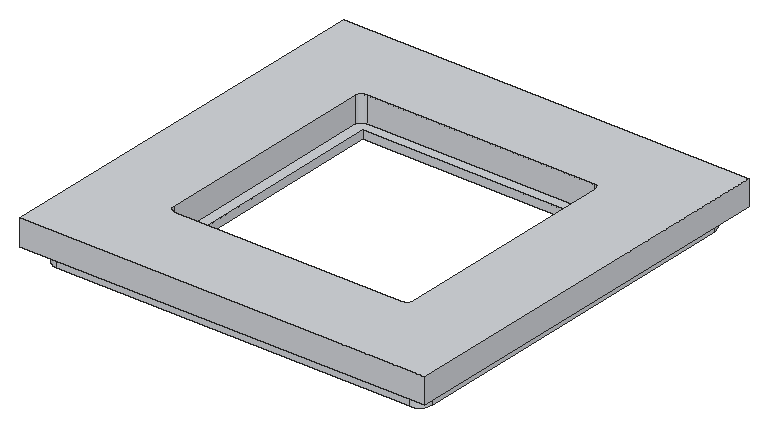
Revit family "Gira_021112", category Electrical Fixtures, host Face, Revit 2017
Family settings
  Host = Face
  Maintain Annotation Orientation = No
  Round Connector Dimension = Use Diameter
  Part Type = Normal
  Cut with Voids When Loaded = No
  Shared = No
  Room Calculation Point = No
Parameters (values of type "Abdeckrahmen 1f Gira Esprit G Weiß")
  Werkstoffgüte = "Echtglas"
  Werkstoff = "Glas"
  URL = "http://katalog.gira.de/de_DE/datenblatt.html?artikelnr=021112"
  Transparent = "No"
  Textfeld/Beschriftungsfläche = "No"
  Schutzart (IP) = "IP20"
  Region = "DE"
  Oberfläche = "sonstige"
  Name = "Abdeckrahmen 1f Gira Esprit G Weiß"
  Montagerichtung = "horizontal und vertikal"
  Mit Montagerahmen = "No"
  Mit Klappdeckel = "No"
  Manufacturer URL = "https://www.gira.de/"
  Keynote = "Espr._Rahmen_1fach"
  HeinzeBIM = "https://bimportal.heinze.de/bim/abdeckrahmen-1f-gira-esprit-g-weiss/cf7beb50583d443a226013fda61d0208f9320a16"
  Halogenfrei = "No"
  HAN = "021112"
  Geeignet für Unterputz-Installation = "Yes"
  Geeignet für Unterflurkanaldose = "No"
  Geeignet für Geräteeinbaukanal = "No"
  Geeignet für Einbauinstallation = "No"
  GTIN = "4010337211129"
  Farbe = "weiß"
  Default Elevation = 1219.2 mm
  Data sheet (1) = "https://katalog.gira.de/de_DE/download.html?artikelnr=021112"
  Category = "Abdeckrahmen"
  Befestigungsart = "Klemmbefestigung"
  Available = "Yes"
  Anzahl der Einheiten vertikal = "1 "
  Anzahl der Einheiten horizontal = "1 "
  Anzahl der Einheiten = "1 "
Reference planes
  plane 1 "Center (Front/Back)": y = 0
  plane 2: z = 0
  plane 3 "Center (Left/Right)": x = 0
Forms (mm)
  Extrusion 1, solid, detail levels fine
    sketch origin (0, 0, 0) x (1, 0, 0) y (0, 1, 0)
      loop
        line (-47.5, 47.5) -> (-47.5, -47.5) -> (47.5, -47.5) -> (47.5, 47.5) -> (-47.5, 47.5)
      loop
        arc (-28.2, -26.7) -> (-27.761, -27.761) -> (-26.7, -28.2) r 1.5
        line (-26.7, -28.2) -> (26.7, -28.2)
        arc (26.7, -28.2) -> (27.761, -27.761) -> (28.2, -26.7) r 1.5
        line (28.2, -26.7) -> (28.2, 26.7)
        arc (28.2, 26.7) -> (27.761, 27.761) -> (26.7, 28.2) r 1.5
        line (26.7, 28.2) -> (-26.7, 28.2)
        arc (-26.7, 28.2) -> (-27.761, 27.761) -> (-28.2, 26.7) r 1.5
        line (-28.2, 26.7) -> (-28.2, -26.7)
    from 0 to 6
  Extrusion 2, solid, detail levels fine
    sketch origin (0, 0, 0) x (1, 0, 0) y (0, 1, 0)
      loop
        line (-25.7, -25.7) -> (25.7, -25.7) -> (25.7, 25.7) -> (-25.7, 25.7) -> (-25.7, -25.7)
      loop
        arc (-43.1, -41.3) -> (-42.573, -42.573) -> (-41.3, -43.1) r 1.8
        line (-41.3, -43.1) -> (41.3, -43.1)
        arc (41.3, -43.1) -> (42.573, -42.573) -> (43.1, -41.3) r 1.8
        line (43.1, -41.3) -> (43.1, 41.3)
        arc (43.1, 41.3) -> (42.573, 42.573) -> (41.3, 43.1) r 1.8
        line (41.3, 43.1) -> (-41.3, 43.1)
        arc (-41.3, 43.1) -> (-42.573, 42.573) -> (-43.1, 41.3) r 1.8
        line (-43.1, 41.3) -> (-43.1, -41.3)
    from -1.9 to 0
  Extrusion 3, solid, detail levels fine
    sketch origin (0, 0, 0) x (1, 0, 0) y (0, 1, 0)
      loop
        arc (-41.4, 44.4) -> (-43.521, 43.521) -> (-44.4, 41.4) r 3
        line (-44.4, 41.4) -> (-44.4, -41.4)
        arc (-44.4, -41.4) -> (-43.521, -43.521) -> (-41.4, -44.4) r 3
        line (-41.4, -44.4) -> (41.4, -44.4)
        arc (41.4, -44.4) -> (43.521, -43.521) -> (44.4, -41.4) r 3
        line (44.4, -41.4) -> (44.4, 41.4)
        arc (44.4, 41.4) -> (43.521, 43.521) -> (41.4, 44.4) r 3
        line (41.4, 44.4) -> (-41.4, 44.4)
      loop
        line (-43.1, 41.3) -> (-43.1, -41.3)
        arc (-43.1, -41.3) -> (-42.573, -42.573) -> (-41.3, -43.1) r 1.8
        line (-41.3, -43.1) -> (41.3, -43.1)
        arc (41.3, -43.1) -> (42.573, -42.573) -> (43.1, -41.3) r 1.8
        line (43.1, -41.3) -> (43.1, 41.3)
        arc (43.1, 41.3) -> (42.573, 42.573) -> (41.3, 43.1) r 1.8
        line (41.3, 43.1) -> (-41.3, 43.1)
        arc (-41.3, 43.1) -> (-42.573, 42.573) -> (-43.1, 41.3) r 1.8
    from -3.7 to 0
  Extrusion 4, solid, detail levels medium
    sketch origin (0, 0, 0) x (1, 0, 0) y (0, 1, 0)
      loop
        line (-47.5, 47.5) -> (-47.5, -47.5) -> (47.5, -47.5) -> (47.5, 47.5) -> (-47.5, 47.5)
    from 0 to 6
  Extrusion 5, solid, detail levels medium
    sketch origin (0, 0, 0) x (1, 0, 0) y (0, 1, 0)
      loop
        line (-44.4, 44.4) -> (-44.4, -44.4) -> (44.4, -44.4) -> (44.4, 44.4) -> (-44.4, 44.4)
    from -3.7 to 0
  Extrusion 6, solid, detail levels coarse
    sketch origin (0, 0, 0) x (1, 0, 0) y (0, 1, 0)
      loop
        line (-47.5, 47.5) -> (-47.5, -47.5) -> (47.5, -47.5) -> (47.5, 47.5) -> (-47.5, 47.5)
    from -3.7 to 6
Dimensions and locks
  aligned and locked: plane 2 to host face
  aligned and locked: level to host face
